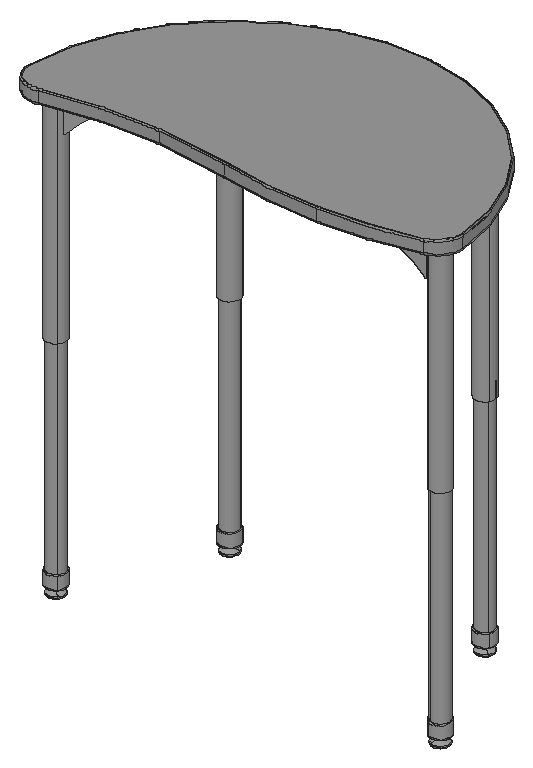
Revit family "Hierarchy Creator ADA Half Round Desk - Standing Height", category Furniture, Revit 2018
Family settings
  Work Plane-Based = No
  Always vertical = Yes
  Cut with Voids When Loaded = No
  Shared = No
  Room Calculation Point = No
Parameters
  Surface = Hierarchy Creator ADA Half Round Desk Standing Surface
  Leg Finish = Hierarchy Leg Platinum
  Edgeband = Hierarchy Creator ADA Half Round Desk Standing Edgeband
  Desk Height = 3' - 5"
  Caster / Glide = Hierarchy Standing Leg - Glide : Hierarchy Standing Leg - Glide
Reference planes (in)
  plane 1 "Center (Front/Back)": y = 0
  plane 2: z = 0
  plane 3 "Center (Left/Right)": x = 0
  plane 4: z = 41
Dimensions and locks (in)
  "Desk Height": plane 4 to level
  aligned and locked: plane 2 to level
  aligned and locked: nested 1 to plane 4
Nested families (in)
  nested 1: "Creator Half Round ADA Desk Tabletop" at (0, 0, 27.97788), type "Creator Half Round ADA Desk Tabletop"
  nested 2: "Hierarchy Standing Leg - Glide" at (-11.40832, 4.80385, 0) x (0.8775, 0.4796, 0) z (0, 0, 1), type <- "Caster / Glide", Leg Finish <- "Leg Finish", Leg Height <- "Desk Height", type "Hierarchy Standing Leg - Glide"
  nested 3: "Hierarchy Standing Leg - Glide" at (-17.21975, -7.66175, 0) x (-0.7272, 0.6865, 0) z (0, 0, 1), type <- "Caster / Glide", Leg Finish <- "Leg Finish", Leg Height <- "Desk Height", type "Hierarchy Standing Leg - Glide"
  nested 4: "Hierarchy Standing Leg - Glide" at (17.60127, -7.5233, 0) x (-0.3635, -0.9316, 0) z (0, 0, 1), Leg Finish <- "Leg Finish", Leg Height <- "Desk Height", type "Hierarchy Standing Leg - Glide"
    with Leg Height 3' - 5", Leg Finish Hierarchy Leg Platinum
  nested 5: "Hierarchy Standing Leg - Glide" at (11.78887, 4.80385, 0) x (0.8775, -0.4796, 0) z (0, 0, 1), Leg Finish <- "Leg Finish", Leg Height <- "Desk Height", type "Hierarchy Standing Leg - Glide"
    with Leg Height 3' - 5", Leg Finish Hierarchy Leg Platinum
Definition of nested family "Creator Half Round ADA Desk Tabletop"
  Parameters (values of type "Creator Half Round ADA Desk Tabletop")
    Surface = none
    Edgeband = none
  Reference planes (in)
    plane 1 "Center (Front/Back)": y = 0
    plane 2: z = 0
    plane 3 "Center (Left/Right)": x = 0
  Forms (in)
    Extrusion 1, solid, material <- "Surface"
      sketch origin (0, 0, 0) x (1, 0, 0) y (0, 1, 0)
        loop
          arc (-19.57413, -7.65024) -> (-18.80351, -9.49608) -> (-16.86476, -9.98822) r 2.23765
          arc (-16.86476, -9.98822) -> (-11.76539, -9.22549) -> (-6.60994, -9.14352) r 38.92075
          arc (-6.60994, -9.14352) -> (-3.24637, -9.45509) -> (0.07923, -10.04763) r 40.24571
          arc (0.07923, -10.04763) -> (4.65313, -10.78485) -> (9.28181, -10.98311) r 39.62035
          arc (9.28181, -10.98311) -> (13.6669, -10.66965) -> (17.9875, -9.85745) r 38.43282
          arc (17.9875, -9.85745) -> (19.19987, -9.07862) -> (19.68561, -7.72198) r 2.23664
          arc (19.68561, -7.72198) -> (0.08931, 10.68852) -> (-19.57413, -7.65024) r 19.67278
      from 13.02212 to 14.27206
    Sweep 2, solid, material <- "Edgeband"
      path origin (0, 0, 0) x (1, 0, 0) y (0, 1, 0)
        loop
          arc (19.68561, -7.72198) -> (0.08931, 10.68852) -> (-19.57413, -7.65024) r 19.67278
          arc (-19.57413, -7.65024) -> (-18.80351, -9.49608) -> (-16.86476, -9.98822) r 2.23765
          arc (-16.86476, -9.98822) -> (-11.76539, -9.22549) -> (-6.60994, -9.14352) r 38.92075
          arc (-6.60994, -9.14352) -> (-3.24637, -9.45509) -> (0.07923, -10.04763) r 40.24571
          arc (0.07923, -10.04763) -> (4.65313, -10.78485) -> (9.28181, -10.98311) r 39.62035
          arc (9.28181, -10.98311) -> (13.6669, -10.66965) -> (17.9875, -9.85745) r 38.43282
          arc (17.9875, -9.85745) -> (19.19987, -9.07862) -> (19.68561, -7.72198) r 2.23664
      profile origin (0.08931, 10.68852, 0) x (-0.001827, -0.999998, 0) y (0, 0, 1)
        loop
          line (0, 13.02218) -> (0, 14.27206)
          arc (0, 14.27206) -> (-0.08841, 14.23311) -> (-0.12472, 14.14358) r 0.12854
          line (-0.12472, 14.14358) -> (-0.12472, 13.15066)
          arc (-0.12472, 13.15066) -> (-0.08841, 13.06113) -> (0, 13.02218) r 0.12854
  Dimensions and locks (in)
    aligned and locked: plane 2 to level
Definition of nested family "Hierarchy Standing Leg - Glide"
  Parameters (values of type "Hierarchy Standing Leg - Glide")
    Leg Finish [instance] = none
    Leg Height [instance] = 3' - 5"
  Reference planes (in)
    plane 1 "Center (Front/Back)": y = 0
    plane 2: z = 0
    plane 3 "Center (Left/Right)": x = 0
  Forms (in)
    Extrusion 1, solid
      sketch origin (-0.01562, 0, 0) x (1, 0, 0) y (0, 1, 0)
        loop
          circle (0.01563, 0) r 0.79147
      from 2 to 23.175
    Revolve 2, solid
      sketch origin (0, 0, 0) x (1, 0, 0) y (0, 0, 1)
        loop
          line (0, 2) -> (0, 0.74937) -> (0.84838, 0.74937)
          arc (0.84838, 0.74937) -> (0.89342, 0.76803) -> (0.91207, 0.81306) r 0.06369
          line (0.91207, 0.81306) -> (0.91207, 1.93631)
          arc (0.91207, 1.93631) -> (0.89342, 1.98134) -> (0.84838, 2) r 0.06369
          line (0.84838, 2) -> (0, 2)
        axis (0, 2) -> (0, 0.74937)
      angle from 0 to 360
    Revolve 3, solid
      sketch origin (0, 0, 0) x (1, 0, 0) y (0, 0, 1)
        loop
          line (0, 0.75) -> (0, 0) -> (0.74583, 0) -> (0.79147, 0.09013) -> (0.79147, 0.16241) -> (0.12474, 0.5) -> (0.12474, 0.75) -> (0, 0.75)
        axis (0, 0.75) -> (0, 0)
      angle from 0 to 360
  Dimensions and locks (in)
    "Leg Height": nested 1 to level
    aligned and locked: plane 2 to level
  Automatic sketch dimensions
    plane 1 "Center (Front/Back)" to Extrusion 1 sketch curve = 0' - 0"
    Extrusion 1 sketch curve to plane 3 "Center (Left/Right)" = 0' - 0"
    Revolve 2 sketch curve to plane 3 "Center (Left/Right)" = 0' - 0"  (x2)
    plane 3 "Center (Left/Right)" to Revolve 2 sketch curve = 0' - 0.84838"
    Revolve 2 sketch curve to Revolve 2 sketch curve = 0' - 0.84838"
    Revolve 2 sketch curve to Revolve 2 sketch curve = 0' - 0.06369"
    level to Revolve 2 sketch curve = 0' - 0.74937"
    Revolve 2 sketch curve to Revolve 2 sketch curve = 0' - 1.12324"
    Revolve 2 sketch curve to Revolve 2 sketch curve = 0' - 0.13731"
    Revolve 2 sketch curve to Revolve 2 sketch curve = 0' - 0 3/4"
    Revolve 3 sketch curve to plane 3 "Center (Left/Right)" = 0' - 0"  (x2)
    Revolve 3 sketch curve to level = 0' - 0"
    plane 3 "Center (Left/Right)" to Revolve 3 sketch curve = 0' - 0.12474"
    plane 3 "Center (Left/Right)" to Revolve 3 sketch curve = 0' - 0.74583"
    Revolve 3 sketch curve to Revolve 3 sketch curve = 0' - 0.04564"
    level to Revolve 3 sketch curve = 0' - 0.09013"
    Revolve 3 sketch curve to Revolve 3 sketch curve = 0' - 0.07228"
    level to Revolve 3 sketch curve = 0' - 0 1/2"
    Revolve 3 sketch curve to Revolve 3 sketch curve = 0' - 0 1/4"
    Revolve 3 sketch curve to level = 0' - 0 1/8"
    Revolve 3 sketch curve to Revolve 3 sketch curve = 0' - 0 1/8"
    radius of Extrusion 1 sketch curve = 0' - 0.79147"
  Nested families (in)
    nested 1: "Hierarchy Standing Upper Leg 2023" at (0, 0, 0.19983), Leg Finish <- "Leg Finish", type "Hierarchy Standing Upper Leg 2023"
      with Leg Finish none
  Definition of nested family "Hierarchy Standing Upper Leg 2023"
    Parameters (values of type "Hierarchy Standing Upper Leg 2023")
      Leg Finish [instance] = none
    Reference planes (in)
      plane 1 "Center (Front/Back)": y = 0
      plane 2: z = 0
      plane 3 "Center (Left/Right)": x = 0
    Forms (in)
      Extrusion 1, solid, material <- "Leg Finish"
        sketch origin (0, 0, 0) x (1, 0, 0) y (0, 1, 0)
          loop
            circle (0, 0) r 0.9129
        from 20.67418 to 40.67418
      Extrusion 2, solid, material <- "Leg Finish"
        sketch origin (0, 0, 12.998) x (1, 0, 0) y (0, 1, 0)
          loop
            line (-1.70174, 0.19183) -> (-3.96611, -4.49738)
            arc (-3.96611, -4.49738) -> (-3.91977, -5.33444) -> (-3.18615, -5.74016) r 0.86614
            line (-3.18615, -5.74016) -> (3.18615, -5.74016)
            arc (3.18615, -5.74016) -> (3.91977, -5.33444) -> (3.96611, -4.49738) r 0.86614
            line (3.96611, -4.49738) -> (1.70174, 0.19183)
            arc (1.70174, 0.19183) -> (0, 1.25984) -> (-1.70174, 0.19183) r 1.88976
        from 27.67618 to 27.80217
      Extrusion 3, solid, material <- "Leg Finish"
        sketch origin (12.41967, 1.58692, 0) x (0.434844, 0.900506, 0) y (0, 0, 1)
          loop
            arc (-12.68776, 40.67418) -> (-12.80559, 40.56418) -> (-12.70394, 40.43908) r 0.11811
            arc (-12.70394, 40.43908) -> (-9.98192, 39.53509) -> (-7.76426, 37.71614) r 7.87402
            arc (-7.76426, 37.71614) -> (-7.63344, 37.68136) -> (-7.55587, 37.79229) r 0.11811
            line (-7.55587, 37.79229) -> (-7.55587, 40.67418) -> (-12.68776, 40.67418)
        from -11.10976 to -10.98378
      Extrusion 4, solid, material <- "Leg Finish"
        sketch origin (-12.41967, 1.58692, 0) x (-0.434844, 0.900506, 0) y (0, 0, -1)
          loop
            line (-12.68776, -40.67418) -> (-7.55587, -40.67418) -> (-7.55587, -37.79229)
            arc (-7.55587, -37.79229) -> (-7.63344, -37.68136) -> (-7.76426, -37.71614) r 0.11811
            arc (-7.76426, -37.71614) -> (-9.98192, -39.53509) -> (-12.70394, -40.43908) r 7.87402
            arc (-12.70394, -40.43908) -> (-12.80559, -40.56418) -> (-12.68776, -40.67418) r 0.11811
        from -11.10976 to -10.98378
    Dimensions and locks (in)
      aligned and locked: plane 2 to level
